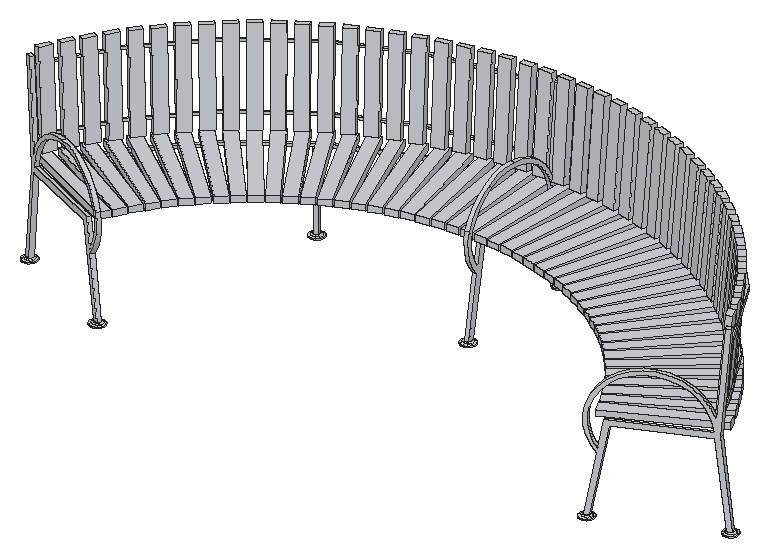
Revit family "Садово-парковая скамейка «Округ»", category Мебель, Revit 2017
Family settings
  Номер OmniClass = 23.40.20.00
  Заголовок OmniClass = General Furniture and Specialties
  На основе рабочей плоскости = Нет
  Всегда вертикально = Да
  При загрузке вырезать с полостями = Нет
  Общий = Нет
  Точка расчета площади = Нет
Parameters (values of type "Садово-парковая скамейка «Округ»")
  Стоимость = 20055
  Изготовитель = "ООО \"Хоббика\""
  URL = "https://hobbyka.ru/product/sadovoparkovaya_skameyka_okrug/?sphrase_id=63312"
  ADSK_Размер_Ширина сидения = 469 mm
  ADSK_Размер_Ширина = 1376 mm
  ADSK_Размер_Длина = 3392 mm
  ADSK_Размер_Высота = 907 mm
  ADSK_Наименование = "Садово-парковая скамейка «Округ»"
  ADSK_Материал опоры = none
  ADSK_Материал доски = none
  ADSK_Код изделия = "10660"
Reference planes
  plane 1 "По центру (Вперед/Назад)": y = 0
  plane 2: z = 0
  plane 3 "По центру (Влево/Вправо)": x = 0
  plane 4: through (-1693.485, -635.383, 1200) normal (0.4083, 0.9128, 0)
  plane 5: through (1693.485, -635.383, 1200) normal (0.4083, -0.9128, 0)
  plane 6 "Доски": z = 439
  plane 7: z = 424
  plane 8: z = 560
  plane 9: z = 550
  plane 10: z = 850
Forms (mm)
  Extrusion 1, solid, material <- "ADSK_Материал опоры"
    sketch origin (0, 0, 0) x (1, 0, 0) y (0, 1, 0)
      loop
        arc (1320.191, -781.261) -> (0.367, 62.084) -> (-1319.882, -780.594) r 1455
        line (-1319.882, -780.594) -> (-1306.275, -786.907)
        arc (-1306.275, -786.907) -> (0.364, 47.084) -> (1306.581, -787.567) r 1440
        line (1306.581, -787.567) -> (1320.191, -781.261)
      loop
        arc (1683.13, -613.109) -> (-2.281, 462.083) -> (-1685.042, -617.25) r 1855
        line (-1685.042, -617.25) -> (-1671.349, -623.375)
        arc (-1671.349, -623.375) -> (-2.182, 447.083) -> (1669.52, -619.414) r 1840
        line (1669.52, -619.414) -> (1683.13, -613.109)
    from 424 to 439
  Extrusion 2, solid, material <- "ADSK_Материал опоры"
    sketch origin (0, 0, 0) x (1, 0, 0) y (0, 1, 0)
      loop
        line (-1708.544, -607.081) -> (-1699.459, -611.26)
        arc (-1699.459, -611.26) -> (-2.594, 477.683) -> (1697.285, -606.551) r 1870.6
        line (1697.285, -606.551) -> (1706.358, -602.347)
        arc (1706.358, -602.347) -> (-2.607, 487.683) -> (-1708.544, -607.081) r 1880.6
    from 547.464 to 559.337
  Extrusion 3, solid, material <- "ADSK_Материал опоры"
    sketch origin (0, 0, 302.536) x (1, 0, 0) y (0, 1, 0)
      loop
        line (-1735.799, -594.546) -> (-1726.714, -598.724)
        arc (-1726.714, -598.724) -> (-2.635, 507.683) -> (1724.505, -593.939) r 1900.6
        line (1724.505, -593.939) -> (1733.579, -589.735)
        arc (1733.579, -589.735) -> (-2.649, 517.683) -> (-1735.799, -594.546) r 1910.6
    from 547.464 to 559.337
Dimensions and locks
  locked: plane 6 "Доски" to level at 439
  plane 6 "Доски" to plane 7 = 15 mm
  locked: level to plane 8 at 560
  locked: plane 9 to plane 8 at 10
  plane 8 to plane 10 = 290 mm
  aligned and locked: level to plane 2
  aligned and locked: plane 6 "Доски" to Extrusion 1
  aligned and locked: Extrusion 1 to plane 7
Nested families
  nested 1: "Опора" at (-1193.333, -848.157, 0) x (0.4083, 0.9128, 0) z (0, 0, 1), Материал опоры <- "ADSK_Материал опоры", type "Опора"
    with Материал опоры none
  nested 2: "Опора" at (1194.423, -850.551, 0) x (0.4204, -0.9073, 0) z (0, 0, 1), Материал опоры <- "ADSK_Материал опоры", type "Опора"
    with Материал опоры none
  nested 3: "Опора" at (1.315, -81.122, 0) x (1, 0.0066, 0) z (0, 0, 1), Материал опоры <- "ADSK_Материал опоры", type "Опора"
    with Материал опоры none
  nested 4: "Ножка" at (-664.92, -267.386, 0) x (0.843, 0.5379, 0) z (0, 0, 1), Материал опоры <- "ADSK_Материал опоры", type "Ножка"
    with Материал опоры none
  nested 5: "Ножка" at (664.92, -267.386, 0) x (-0.843, 0.5379, 0) z (0, 0, 1), Материал опоры <- "ADSK_Материал опоры", type "Ножка"
    with Материал опоры none
  nested 6: "Семейство9" at (-1232.707, -749.945, 439) x (0.4274, 0.9041, 0) z (0, 0, 1), Материал доски <- "ADSK_Материал доски", type "Семейство9"
    with Материал доски none
  nested 7: "Семейство9" at (1260.811, -806.968, 439) x (0.4567, -0.8896, 0) z (0, 0, 1), Материал доски <- "ADSK_Материал доски", type "Семейство9"
    with Материал доски none
  nested 8: "Семейство9" at (-1199.41, -689.785, 439) x (0.4715, 0.8818, 0) z (0, 0, 1), Материал доски <- "ADSK_Материал доски", type "Семейство9"
    with Материал доски none
  nested 9: "Семейство9" at (-1163.179, -631.344, 439) x (0.5146, 0.8575, 0) z (0, 0, 1), Материал доски <- "ADSK_Материал доски", type "Семейство9"
    with Материал доски none
  nested 10: "Семейство9" at (-1124.104, -574.766, 439) x (0.5563, 0.831, 0) z (0, 0, 1), Материал доски <- "ADSK_Материал доски", type "Семейство9"
    with Материал доски none
  nested 11: "Семейство9" at (-1082.278, -520.189, 439) x (0.5967, 0.8024, 0) z (0, 0, 1), Материал доски <- "ADSK_Материал доски", type "Семейство9"
    with Материал доски none
  nested 12: "Семейство9" at (-1037.806, -467.747, 439) x (0.6357, 0.772, 0) z (0, 0, 1), Материал доски <- "ADSK_Материал доски", type "Семейство9"
    with Материал доски none
  nested 13: "Семейство9" at (-990.795, -417.567, 439) x (0.6731, 0.7396, 0) z (0, 0, 1), Материал доски <- "ADSK_Материал доски", type "Семейство9"
    with Материал доски none
  nested 14: "Семейство9" at (-941.36, -369.774, 439) x (0.7088, 0.7054, 0) z (0, 0, 1), Материал доски <- "ADSK_Материал доски", type "Семейство9"
    with Материал доски none
  nested 15: "Семейство9" at (-889.623, -324.483, 439) x (0.7428, 0.6695, 0) z (0, 0, 1), Материал доски <- "ADSK_Материал доски", type "Семейство9"
    with Материал доски none
  nested 16: "Семейство9" at (-835.71, -281.805, 439) x (0.775, 0.632, 0) z (0, 0, 1), Материал доски <- "ADSK_Материал доски", type "Семейство9"
    with Материал доски none
  nested 17: "Семейство9" at (-779.753, -241.845, 439) x (0.8053, 0.5929, 0) z (0, 0, 1), Материал доски <- "ADSK_Материал доски", type "Семейство9"
    with Материал доски none
  nested 18: "Семейство9" at (-721.889, -204.701, 439) x (0.8336, 0.5523, 0) z (0, 0, 1), Материал доски <- "ADSK_Материал доски", type "Семейство9"
    with Материал доски none
  nested 19: "Семейство9" at (-662.259, -170.463, 439) x (0.8599, 0.5104, 0) z (0, 0, 1), Материал доски <- "ADSK_Материал доски", type "Семейство9"
    with Материал доски none
  nested 20: "Семейство9" at (-601.009, -139.215, 439) x (0.8841, 0.4673, 0) z (0, 0, 1), Материал доски <- "ADSK_Материал доски", type "Семейство9"
    with Материал доски none
  nested 21: "Семейство9" at (-538.289, -111.033, 439) x (0.9061, 0.423, 0) z (0, 0, 1), Материал доски <- "ADSK_Материал доски", type "Семейство9"
    with Материал доски none
  nested 22: "Семейство9" at (-474.252, -85.987, 439) x (0.9259, 0.3777, 0) z (0, 0, 1), Материал доски <- "ADSK_Материал доски", type "Семейство9"
    with Материал доски none
  nested 23: "Семейство9" at (-409.055, -64.137, 439) x (0.9435, 0.3315, 0) z (0, 0, 1), Материал доски <- "ADSK_Материал доски", type "Семейство9"
    with Материал доски none
  nested 24: "Семейство9" at (-342.858, -45.538, 439) x (0.9587, 0.2844, 0) z (0, 0, 1), Материал доски <- "ADSK_Материал доски", type "Семейство9"
    with Материал доски none
  nested 25: "Семейство9" at (-275.823, -30.235, 439) x (0.9716, 0.2367, 0) z (0, 0, 1), Материал доски <- "ADSK_Материал доски", type "Семейство9"
    with Материал доски none
  nested 26: "Семейство9" at (-208.112, -18.264, 439) x (0.9821, 0.1883, 0) z (0, 0, 1), Материал доски <- "ADSK_Материал доски", type "Семейство9"
    with Материал доски none
  nested 27: "Семейство9" at (-139.893, -9.656, 439) x (0.9902, 0.1395, 0) z (0, 0, 1), Материал доски <- "ADSK_Материал доски", type "Семейство9"
    with Материал доски none
  nested 28: "Семейство9" at (-71.331, -4.431, 439) x (0.9959, 0.0904, 0) z (0, 0, 1), Материал доски <- "ADSK_Материал доски", type "Семейство9"
    with Материал доски none
  nested 29: "Семейство9" at (-2.595, -2.602, 439) x (0.9992, 0.0411, 0) z (0, 0, 1), Материал доски <- "ADSK_Материал доски", type "Семейство9"
    with Материал доски none
  nested 30: "Семейство9" at (66.147, -4.174, 439) x (1, -0.0084, 0) z (0, 0, 1), Материал доски <- "ADSK_Материал доски", type "Семейство9"
    with Материал доски none
  nested 31: "Семейство9" at (134.728, -9.143, 439) x (0.9983, -0.0578, 0) z (0, 0, 1), Материал доски <- "ADSK_Материал доски", type "Семейство9"
    with Материал доски none
  nested 32: "Семейство9" at (202.979, -17.497, 439) x (0.9942, -0.1071, 0) z (0, 0, 1), Материал доски <- "ADSK_Материал доски", type "Семейство9"
    with Материал доски none
  nested 33: "Семейство9" at (270.734, -29.214, 439) x (0.9877, -0.1561, 0) z (0, 0, 1), Материал доски <- "ADSK_Материал доски", type "Семейство9"
    with Материал доски none
  nested 34: "Семейство9" at (337.826, -44.268, 439) x (0.9788, -0.2048, 0) z (0, 0, 1), Материал доски <- "ADSK_Материал доски", type "Семейство9"
    with Материал доски none
  nested 35: "Семейство9" at (404.092, -62.62, 439) x (0.9675, -0.2529, 0) z (0, 0, 1), Материал доски <- "ADSK_Материал доски", type "Семейство9"
    with Материал доски none
  nested 36: "Семейство9" at (469.37, -84.226, 439) x (0.9538, -0.3004, 0) z (0, 0, 1), Материал доски <- "ADSK_Материал доски", type "Семейство9"
    with Материал доски none
  nested 37: "Семейство9" at (533.5, -109.033, 439) x (0.9378, -0.3472, 0) z (0, 0, 1), Материал доски <- "ADSK_Материал доски", type "Семейство9"
    with Материал доски none
  nested 38: "Семейство9" at (596.325, -136.98, 439) x (0.9195, -0.3932, 0) z (0, 0, 1), Материал доски <- "ADSK_Материал доски", type "Семейство9"
    with Материал доски none
  nested 39: "Семейство9" at (657.691, -167.999, 439) x (0.8989, -0.4382, 0) z (0, 0, 1), Материал доски <- "ADSK_Материал доски", type "Семейство9"
    with Материал доски none
  nested 40: "Семейство9" at (717.448, -202.014, 439) x (0.8761, -0.4821, 0) z (0, 0, 1), Материал доски <- "ADSK_Материал доски", type "Семейство9"
    with Материал доски none
  nested 41: "Семейство9" at (775.451, -238.942, 439) x (0.8512, -0.5248, 0) z (0, 0, 1), Материал доски <- "ADSK_Материал доски", type "Семейство9"
    with Материал доски none
  nested 42: "Семейство9" at (831.557, -278.693, 439) x (0.8242, -0.5662, 0) z (0, 0, 1), Материал доски <- "ADSK_Материал доски", type "Семейство9"
    with Материал доски none
  nested 43: "Семейство9" at (885.629, -321.169, 439) x (0.7952, -0.6063, 0) z (0, 0, 1), Материал доски <- "ADSK_Материал доски", type "Семейство9"
    with Материал доски none
  nested 44: "Семейство9" at (937.534, -366.267, 439) x (0.7643, -0.6449, 0) z (0, 0, 1), Материал доски <- "ADSK_Материал доски", type "Семейство9"
    with Материал доски none
  nested 45: "Семейство9" at (987.147, -413.876, 439) x (0.7315, -0.6819, 0) z (0, 0, 1), Материал доски <- "ADSK_Материал доски", type "Семейство9"
    with Материал доски none
  nested 46: "Семейство9" at (1034.345, -463.879, 439) x (0.6969, -0.7172, 0) z (0, 0, 1), Материал доски <- "ADSK_Материал доски", type "Семейство9"
    with Материал доски none
  nested 47: "Семейство9" at (1079.013, -516.155, 439) x (0.6606, -0.7508, 0) z (0, 0, 1), Материал доски <- "ADSK_Материал доски", type "Семейство9"
    with Материал доски none
  nested 48: "Семейство9" at (1121.042, -570.575, 439) x (0.6226, -0.7825, 0) z (0, 0, 1), Материал доски <- "ADSK_Материал доски", type "Семейство9"
    with Материал доски none
  nested 49: "Семейство9" at (1160.328, -627.007, 439) x (0.5832, -0.8123, 0) z (0, 0, 1), Материал доски <- "ADSK_Материал доски", type "Семейство9"
    with Материал доски none
  nested 50: "Семейство9" at (1196.777, -685.312, 439) x (0.5423, -0.8402, 0) z (0, 0, 1), Материал доски <- "ADSK_Материал доски", type "Семейство9"
    with Материал доски none
  nested 51: "Семейство9" at (1230.298, -745.348, 439) x (0.5001, -0.866, 0) z (0, 0, 1), Материал доски <- "ADSK_Материал доски", type "Семейство9"
    with Материал доски none
Definition of nested family "Опора"
  Parameters (values of type "Опора")
    Материал опоры [instance] = none
  Reference planes
    plane 1 "По центру (Вперед/Назад)": y = 0
    plane 2: z = 0
    plane 3 "По центру (Влево/Вправо)": x = 0
    plane 4: x = 10
    plane 5: x = -10
  Forms (mm)
    Revolve 1, solid, material <- "Материал опоры"
      sketch origin (0, 0, 0) x (0, 1, 0) y (0, 0, 1)
        loop
          line (50.922, 0) -> (50.922, 2.5) -> (39.545, 5.548) -> (34.937, 11.369) -> (15.922, 11.369) -> (15.922, 0) -> (50.922, 0)
        axis (15.922, 0) -> (15.922, 11.369)
      angle from 0 to 360
    Revolve 2, solid, material <- "Материал опоры"
      sketch origin (0, 571.908, 0) x (0, 1, 0) y (0, 0, 1)
        loop
          line (50.922, 0) -> (50.922, 2.5) -> (39.545, 5.548) -> (34.937, 11.369) -> (15.922, 11.369) -> (15.922, 0) -> (50.922, 0)
        axis (15.922, 0) -> (15.922, 11.369)
      angle from 0 to 360
    Extrusion 3, solid, material <- "Материал опоры"
      sketch origin (0, 0, 0) x (0, 1, 0) y (0, 0, 1)
        loop
          line (4.931, 11.369) -> (29.931, 11.369) -> (108.911, 414) -> (527.619, 414) -> (573.577, 11.369) -> (598.739, 11.369) -> (551.509, 425.143) -> (593.666, 907) -> (568.666, 907) -> (532.644, 495.26)
          arc (532.644, 495.26) -> (440.276, 623.867) -> (291.334, 677.607) r 267.177
          arc (291.334, 677.607) -> (119.25, 634.379) -> (10.284, 494.351) r 272.425
          arc (10.284, 494.351) -> (8.577, 385.259) -> (59.327, 288.675) r 220.738
          line (59.327, 288.675) -> (4.931, 11.369)
        loop
          line (86.301, 439) -> (526.764, 439)
          arc (526.764, 439) -> (449.137, 592.942) -> (290.155, 659.642) r 249.177
          arc (290.155, 659.642) -> (129.476, 619.558) -> (27.504, 489.074) r 254.425
          arc (27.504, 489.074) -> (24.657, 395.89) -> (63.814, 311.285) r 202.738
          line (63.814, 311.285) -> (86.301, 439)
      from -10 to 10
  Dimensions and locks
    plane 3 "По центру (Влево/Вправо)" to plane 4 = 10 mm  (x2)
    equal spacing: plane 5, plane 3 "По центру (Влево/Вправо)", plane 4
    aligned and locked: level to plane 2
    aligned and locked: plane 4 to Extrusion 3
    aligned and locked: plane 5 to Extrusion 3
  Automatic sketch dimensions
    Revolve 1 sketch curve to level = 0 mm  (x2)
    Revolve 1 sketch curve to plane 1 "По центру (Вперед/Назад)" = 15.922 mm
    level to Revolve 1 sketch curve = 11.369 mm
    Revolve 1 sketch curve to Revolve 1 sketch curve = 19.016 mm
    level to Revolve 1 sketch curve = 5.548 mm
    Revolve 1 sketch curve to Revolve 1 sketch curve = 4.608 mm
    level to Revolve 1 sketch curve = 2.5 mm
    Revolve 1 sketch curve to Revolve 1 sketch curve = 11.376 mm
    Revolve 1 sketch curve to Revolve 1 sketch curve = 0 mm
    Revolve 1 sketch curve to Revolve 1 sketch curve = 16.326 mm
    Revolve 2 sketch curve to level = 0 mm  (x2)
    Revolve 2 sketch curve to plane 1 "По центру (Вперед/Назад)" = 587.829 mm
    level to Revolve 2 sketch curve = 11.369 mm
    Revolve 2 sketch curve to Revolve 2 sketch curve = 19.016 mm
    level to Revolve 2 sketch curve = 5.548 mm
    Revolve 2 sketch curve to Revolve 2 sketch curve = 4.608 mm
    level to Revolve 2 sketch curve = 2.5 mm
    Revolve 2 sketch curve to Revolve 2 sketch curve = 11.376 mm
    Revolve 2 sketch curve to Revolve 2 sketch curve = 0 mm
    Revolve 2 sketch curve to Revolve 2 sketch curve = 16.326 mm
    Extrusion 3 sketch curve to Extrusion 3 sketch curve = 0 mm  (x6)
    Extrusion 3 sketch curve to plane 1 "По центру (Вперед/Назад)" = 4.931 mm
    level to Extrusion 3 sketch curve = 11.369 mm  (x2)
    Extrusion 3 sketch curve to Extrusion 3 sketch curve = 25 mm  (x3)
    Extrusion 3 sketch curve to plane 1 "По центру (Вперед/Назад)" = 59.327 mm
    Extrusion 3 sketch curve to Extrusion 3 sketch curve = 4.486 mm
    Extrusion 3 sketch curve to plane 1 "По центру (Вперед/Назад)" = 86.301 mm
    Extrusion 3 sketch curve to Extrusion 3 sketch curve = 22.61 mm  (x2)
    Extrusion 3 sketch curve to Extrusion 3 sketch curve = 114.385 mm
    Extrusion 3 sketch curve to Extrusion 3 sketch curve = 44.75 mm
    Extrusion 3 sketch curve to Extrusion 3 sketch curve = 11.153 mm
    Extrusion 3 sketch curve to Extrusion 3 sketch curve = 247.565 mm
    Extrusion 3 sketch curve to Extrusion 3 sketch curve = 0.854 mm
    Extrusion 3 sketch curve to Extrusion 3 sketch curve = 5.879 mm
    Extrusion 3 sketch curve to Extrusion 3 sketch curve = 23.89 mm
    Extrusion 3 sketch curve to Extrusion 3 sketch curve = 36.023 mm
    Extrusion 3 sketch curve to Extrusion 3 sketch curve = 45.958 mm
    Extrusion 3 sketch curve to Extrusion 3 sketch curve = 25.162 mm
    Extrusion 3 sketch curve to Extrusion 3 sketch curve = 277.306 mm
    Extrusion 3 sketch curve to Extrusion 3 sketch curve = 94.894 mm
    Extrusion 3 sketch curve to Extrusion 3 sketch curve = 4.527 mm
    Extrusion 3 sketch curve to Extrusion 3 sketch curve = 3.294 mm
    Extrusion 3 sketch curve to Extrusion 3 sketch curve = 11.143 mm
    Extrusion 3 sketch curve to Extrusion 3 sketch curve = 30.279 mm
    Extrusion 3 sketch curve to Extrusion 3 sketch curve = 56.26 mm
    Extrusion 3 sketch curve to Extrusion 3 sketch curve = 411.74 mm
    Extrusion 3 sketch curve to plane 1 "По центру (Вперед/Назад)" = 10.284 mm
    Extrusion 3 sketch curve to Extrusion 3 sketch curve = 17.22 mm
Definition of nested family "Ножка"
  Parameters (values of type "Ножка")
    Материал опоры [instance] = none
  Reference planes
    plane 1 "По центру (Вперед/Назад)": y = 0
    plane 2: z = 0
    plane 3 "По центру (Влево/Вправо)": x = 0
    plane 4: x = 10
    plane 5: x = -10
  Forms (mm)
    Revolve 1, solid, material <- "Материал опоры"
      sketch origin (0, 571.908, 0) x (0, 1, 0) y (0, 0, 1)
        loop
          line (50.922, 0) -> (50.922, 2.5) -> (39.545, 5.548) -> (34.937, 11.369) -> (15.922, 11.369) -> (15.922, 0) -> (50.922, 0)
        axis (15.922, 0) -> (15.922, 11.369)
      angle from 0 to 360
    Extrusion 2, solid, material <- "Материал опоры"
      sketch origin (0, 0, 0) x (0, 1, 0) y (0, 0, 1)
        loop
          line (552.781, 414) -> (527.619, 414) -> (573.577, 11.369) -> (598.739, 11.369) -> (552.781, 414)
      from -10 to 10
  Dimensions and locks
    plane 3 "По центру (Влево/Вправо)" to plane 4 = 10 mm  (x2)
    equal spacing: plane 5, plane 3 "По центру (Влево/Вправо)", plane 4
    aligned and locked: level to plane 2
    aligned and locked: plane 4 to Extrusion 2
    aligned and locked: plane 5 to Extrusion 2
  Automatic sketch dimensions
    Revolve 1 sketch curve to level = 0 mm  (x2)
    Revolve 1 sketch curve to plane 1 "По центру (Вперед/Назад)" = 587.829 mm
    level to Revolve 1 sketch curve = 11.369 mm
    Revolve 1 sketch curve to Revolve 1 sketch curve = 19.016 mm
    level to Revolve 1 sketch curve = 5.548 mm
    Revolve 1 sketch curve to Revolve 1 sketch curve = 4.608 mm
    level to Revolve 1 sketch curve = 2.5 mm
    Revolve 1 sketch curve to Revolve 1 sketch curve = 11.376 mm
    Revolve 1 sketch curve to Revolve 1 sketch curve = 0 mm
    Revolve 1 sketch curve to Revolve 1 sketch curve = 16.326 mm
    level to Extrusion 2 sketch curve = 11.369 mm
    Extrusion 2 sketch curve to Extrusion 2 sketch curve = 20.795 mm
    Extrusion 2 sketch curve to Extrusion 2 sketch curve = 25.162 mm  (x2)
    Extrusion 2 sketch curve to plane 1 "По центру (Вперед/Назад)" = 527.619 mm
    Extrusion 2 sketch curve to Extrusion 2 sketch curve = 402.631 mm
Definition of nested family "Семейство9"
  Parameters (values of type "Семейство9")
    Материал доски [instance] = none
  Reference planes
    plane 1 "По центру (Вперед/Назад)": y = 0
    plane 2: z = 0
    plane 3 "По центру (Влево/Вправо)": x = 0
    plane 4: through (0, 511.006, 500.822) normal (0, -0.9962, 0.0872)
    plane 5: y = -30
  Forms (mm)
    Extrusion 1, solid, material <- "Материал доски"
      sketch origin (0, 0, 0) x (1, 0, 0) y (0, 1, 0)
        loop
          line (0, -30) -> (0, 500) -> (-58.86, 500) -> (-58.86, -30) -> (0, -30)
      from 0 to 30
    Extrusion 2, solid, material <- "Материал доски"
      sketch origin (2.404, 511.006, 500.822) x (0, 0.087156, 0.996195) y (-1, 0, 0)
        loop
          line (0, 61.264) -> (-450.006, 61.264) -> (-449.71, 2.404) -> (0.295, 2.404) -> (0, 61.264)
      from 0 to 30
  Dimensions and locks
    plane 5 to plane 1 "По центру (Вперед/Назад)" = 30 mm
    aligned and locked: level to plane 2
